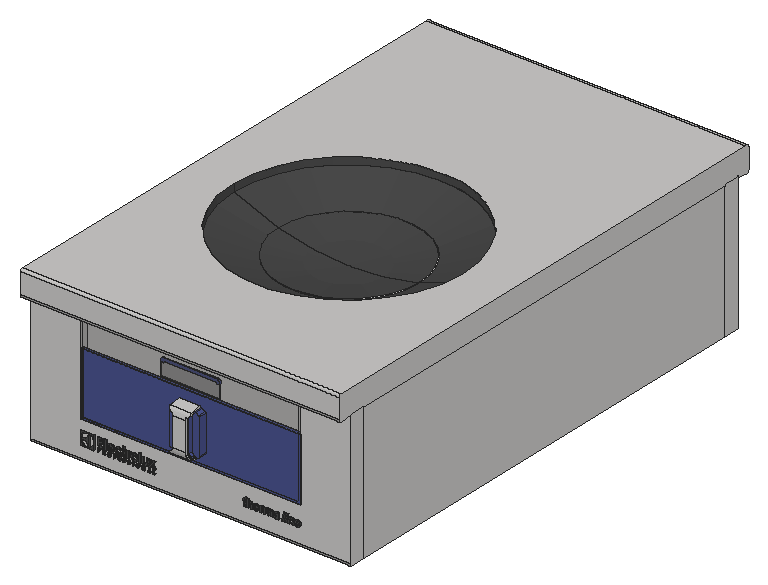
Revit family "QF_ELECTROLUXPROFESSIONAL_588025_MAIHAAEOAO", category Specialty Equipment, Revit 2023
Family settings
  Round Connector Dimension = Use Diameter
  Part Type = Normal
  Work Plane-Based = No
  Enable Cutting in Views = No
  Always vertical = Yes
  Cut with Voids When Loaded = Yes
  Maintain Annotation Orientation = No
  Shared = No
  Room Calculation Point = No
Parameters
  Watts = 5000 W  # constant formula
  Volts = 400 V  # constant formula
  URL Cutsheet = ""
  Type Mark [instance] = ""
  Top Visibility [instance] = yes
  ThermaLine_Logo_Visible [instance] = yes
  Status [instance] = ""
  Specification by User [instance] = ""
  Specification by Manufacturer = ""
  Serial Number = ""
  Seismic Rating = ""
  SMACNA No = ""
  Revision Code [instance] = ""
  Phase = 3  # constant formula
  Omniclass Number and Title = ""
  Number of Poles [instance] = 1
  NAFEM Spec ID Number = ""
  Model = "588025"
  Min Ckt Ampacity = 0 A
  Max Overcurrent Protection = 0 A
  Masterspec = ""
  Manufacturer = ""
  Item Number [instance] = ""
  Installed By [instance] = ""
  Identify Quantity as Lot [instance] = yes
  HP = "6.7 HP"
  Furnished By [instance] = ""
  Foodservice Equipment Identifier [instance] = yes
  FL Amps [instance] = if(Phase = 3, Watts / (Volts * 1.73), Watts / Volts)  # 7.22543 A
  Electrolux_Logo_Visible [instance] = yes
  Electrical Remarks = "400 V/3N ph/50/60 Hz"  # constant formula
  Electric Connection Type [instance] = ""
  Elec Conn RI Height [instance] = 0 mm
  Elec Conn Connection Height [instance] = 0 mm
  Direct Waste Size = 0"
  Description = "INDUCTION WOK,1 ZONE,1-SIDE,500X800X250H"
  Default Elevation = 0 mm
  Cycle [instance] = if([60 Hertz Option], 60 Hz, 50 Hz)  # 60 Hz
  Conn Plug = ""
  Conn Conduit = yes
  CSI MasterFormat = ""
  CSI Master Format = ""
  Apparent Power [instance] = if(Phase = 3, Volts * FL Amps * 1.73, Volts * FL Amps)  # 5000 VA
  60 Hertz Option [instance] = not([50 Hertz Option])  # yes
  50 Hertz Option [instance] = no
Reference planes
  plane 1 "BACK": y = 0
  plane 2: z = 0
  plane 3 "LEFT": x = 0
  plane 4 "RIGHT": x = 500
  plane 5 "FRONT": y = -800
  plane 6 "TOP": z = 250
  plane 7: x = 250
  plane 8: y = -469.65
  plane 9: z = 582.185
  plane 10: x = 455
Forms (mm)
  Extrusion 1, solid, material "QF_Finishes_Stainless Steel"
    sketch origin (0, -487.128, 0) x (0, 1, 0) y (0, 0, 1)
      loop
        line (-266.872, 213) -> (-266.872, 0) -> (441.128, 0) -> (441.128, 213) -> (-266.872, 213)
    from 0 to 500
  Extrusion 2, solid, material "QF_Finishes_Stainless Steel"
    sketch origin (0, 0, 0) x (0, 1, 0) y (0, 0, 1)
      loop
        line (-46, 0) -> (-20, 0) -> (-20, 215)
        arc (-20, 215) -> (-20.586, 213.586) -> (-22, 213) r 2
        line (-22, 213) -> (-46, 213) -> (-46, 0)
    from 0 to 500
  Extrusion 3, solid, material "QF_Finishes_Stainless Steel"
    sketch origin (0, -754, 0) x (1, 0, 0) y (0, -1, 0)
      loop
        circle (455, -69) r 6.35
    from 0 to 3.2
  Revolve 4, void
    sketch origin (-176.365, -469.65, 1219.2) x (-1, 0, 0) y (0, 0, 1)
      loop
        line (-426.365, -969.2) -> (-426.365, -1021.018)
        arc (-426.365, -1021.018) -> (-334.117, -1010.707) -> (-246.365, -980.45) r 421.407
        line (-246.365, -980.45) -> (-246.365, -969.2) -> (-426.365, -969.2)
      axis (-426.365, -969.2) -> (-426.365, -1021.018)
    angle from 0 to 360
  Extrusion 5, solid, material "QF_Finishes_Stainless Steel", visible <- "Top Visibility"
    sketch origin (0, -487.128, 0) x (0, 1, 0) y (0, 0, 1)
      loop
        line (483.128, 250) -> (-308.872, 250)
        arc (-308.872, 250) -> (-311.7, 248.828) -> (-312.872, 246) r 4
        line (-312.872, 246) -> (-312.872, 214)
        arc (-312.872, 214) -> (-311.443, 210.936) -> (-308.177, 210.061) r 4
        line (-308.177, 210.061) -> (-291.509, 213) -> (465.765, 213) -> (482.433, 210.061)
        arc (482.433, 210.061) -> (485.699, 210.936) -> (487.128, 214) r 4
        line (487.128, 214) -> (487.128, 246)
        arc (487.128, 246) -> (485.956, 248.828) -> (483.128, 250) r 4
    from 0 to 500
  Revolve 6, void
    sketch origin (-176.365, -469.65, 1219.2) x (-1, 0, 0) y (0, 0, 1)
      loop
        line (-426.365, -969.2) -> (-426.365, -1021.018)
        arc (-426.365, -1021.018) -> (-334.117, -1010.707) -> (-246.365, -980.45) r 421.407
        line (-246.365, -980.45) -> (-246.365, -969.2) -> (-426.365, -969.2)
      axis (-426.365, -969.2) -> (-426.365, -1021.018)
    angle from 0 to 360
Cuts and joins
  Revolve 4, Revolve 6 cuts Extrusion 1
  Revolve 4, Revolve 6 cuts Extrusion 5
Lines and regions (mm)
  symbolic lines
    curve 1: line (0, 0, 0) -> (500, 0, 0)
    curve 2: line (0, -800, 0) -> (0, 0, 0)
    curve 3: line (500, -800, 0) -> (0, -800, 0)
    curve 4: line (500, 0, 0) -> (500, -800, 0)
    curve 5: arc (70, -469.65, 0) -> (250, -289.65, 0) -> (430, -469.65, 0) r 180
    curve 6: arc (430, -469.65, 0) -> (250, -649.65, 0) -> (70, -469.65, 0) r 180
Dimensions and locks
  plane 3 "LEFT" to plane 4 "RIGHT" = 500 mm
  plane 5 "FRONT" to plane 1 "BACK" = 800 mm
  equal spacing: plane 3 "LEFT", plane 7, plane 4 "RIGHT"
  plane 5 "FRONT" to plane 8 to plane 1 "BACK" = 330.35 mm, 469.65 mm
  plane 6 "TOP" to level = 250 mm  (x2)
  plane 1 "BACK" to plane 5 "FRONT" = 800 mm
  Extrusion 3 sketch curve to plane 1 "BACK" = 685 mm
  Extrusion 3 sketch curve to plane 4 "RIGHT" = 45 mm
  plane 1 "BACK" to Extrusion 3 = 685 mm
  plane 10 to plane 4 "RIGHT" = 45 mm
  aligned and locked: level to plane 2
  aligned and locked: Extrusion 2 to plane 4 "RIGHT"
  aligned and locked: plane 7 to nested 1
Automatic sketch dimensions
  Extrusion 1 sketch curve to level = 0 mm
  plane 1 "BACK" to Extrusion 1 sketch curve = 46 mm
  Extrusion 2 sketch curve to level = 0 mm
  Extrusion 2 sketch curve to Extrusion 2 sketch curve = 26 mm
  Extrusion 2 sketch curve to Extrusion 2 sketch curve = 2 mm
  Extrusion 2 sketch curve to plane 6 "TOP" = 37 mm
  Revolve 4 sketch curve to plane 7 = 0 mm  (x2)
  Revolve 4 sketch curve to plane 6 "TOP" = 0 mm
  Revolve 4 sketch curve to plane 6 "TOP" = 51.818 mm
  plane 3 "LEFT" to Revolve 4 sketch curve = 70 mm
  plane 7 to Revolve 4 sketch curve = 0.405 mm
  Revolve 4 sketch curve to Revolve 4 sketch curve = 11.25 mm
  Revolve 4 sketch curve to level = 215 mm
  plane 6 "TOP" to Revolve 4 sketch curve = 110 mm
  plane 1 "BACK" to curve 1 = 0 mm
  curve 1 to plane 4 "RIGHT" = 0 mm
  curve 2 to plane 3 "LEFT" = 0 mm
  plane 5 "FRONT" to curve 3 = 0 mm
  curve 5 to plane 8 = 0 mm
  curve 6 to plane 7 = 0 mm
  plane 10 to curve 5 = 25 mm
  plane 1 "BACK" to Extrusion 2 sketch curve = 22 mm
  Extrusion 5 sketch curve to plane 5 "FRONT" = 0 mm
  Extrusion 5 sketch curve to plane 6 "TOP" = 0 mm
  Extrusion 5 sketch curve to plane 1 "BACK" = 0 mm
  Extrusion 5 sketch curve to Extrusion 5 sketch curve = 4 mm  (x2)
  Extrusion 5 sketch curve to Extrusion 5 sketch curve = 17.363 mm
  plane 1 "BACK" to Extrusion 5 sketch curve = 21.363 mm
  plane 1 "BACK" to Extrusion 5 sketch curve = 4 mm  (x2)
  Extrusion 5 sketch curve to plane 6 "TOP" = 37 mm
  Extrusion 5 sketch curve to Extrusion 5 sketch curve = 1 mm  (x2)
  Extrusion 5 sketch curve to Extrusion 5 sketch curve = 0.695 mm  (x2)
  Extrusion 5 sketch curve to Extrusion 5 sketch curve = 0 mm  (x4)
  Extrusion 1 sketch curve to plane 5 "FRONT" = 46 mm
  Extrusion 1 sketch curve to plane 6 "TOP" = 37 mm
  Revolve 6 sketch curve to plane 6 "TOP" = 0 mm
  Revolve 6 sketch curve to plane 7 = 0 mm  (x2)
  plane 7 to Revolve 6 sketch curve = 0.405 mm
  plane 3 "LEFT" to Revolve 6 sketch curve = 70 mm
  Revolve 6 sketch curve to Revolve 6 sketch curve = 11.25 mm
  Revolve 6 sketch curve to Revolve 6 sketch curve = 51.818 mm
  Revolve 6 sketch curve to level = 215 mm
  plane 6 "TOP" to Revolve 6 sketch curve = 110 mm
  radius of Extrusion 3 sketch curve = 6.35 mm
Nested families
  nested 1: "IW_800_500 Panel Single Centered" at (250, -754, -651.71), type "IW_800_500 Panel Single Centered"
  nested 2: "ELX_Professional_Logo_Small" at (137.486, -779, 33) x (1, 0, 0) z (0, -1, 0), visible <- "Electrolux_Logo_Visible", type "ELX_Professional_Logo_Small"
    with Show Logo yes, Material_Logo QF_Finishes_Black
  nested 3: "ELX_ThermaLine_Small" at (373.407, -779, 33) x (1, 0, 0) z (0, -1, 0), visible <- "ThermaLine_Logo_Visible", type "ELX_ThermaLine_Small"
    with Show Logo yes, Material_Logo QF_Finishes_Black
Connectors
  electrical at (455, -685, -3.2), driven by "Volts", driven by "Watts"
    settings: on Extrusion 3, index 1, voltage 400 V, apparent load 5000 VA, apparent load phase1 0 VA, apparent load phase2 0 VA, apparent load phase3 0 VA, power factor 1, load classification "Other", number of poles 1, system type 30, power factor state 1, is connector primary yes, connector utility no, sub classification motor no, connector description "ELECTRICAL CONNECTION"
Definition of nested family "IW_800_500 Panel Single Centered"
  Parameters (values of type "IW_800_500 Panel Single Centered")
    Default Elevation = 0 mm
  Reference planes
    plane 1 "Center (Front/Back)": y = 0
    plane 2: z = 0
    plane 3 "Center (Left/Right)": x = 0
  Forms (mm)
    Extrusion 1, solid
      sketch origin (833.217, 829.203, -1.25) x (0, 1, 0) y (0, 0, 1)
        loop
          arc (-854.203, 655.96) -> (-853.324, 653.839) -> (-851.203, 652.96) r 3
          line (-851.203, 652.96) -> (-829.203, 652.96) -> (-829.203, 865.96) -> (-854.203, 865.96) -> (-854.203, 655.96)
      from -1083.217 to -583.217
    Extrusion 2, void
      sketch origin (33.217, 829.203, 0.636) x (1, 0, 0) y (0, 0, 1)
        loop
          line (-205.217, 852.364) -> (-205.217, 710.364) -> (138.783, 710.364) -> (138.783, 852.364) -> (-205.217, 852.364)
      from 843.409 to 854.203
  Cuts and joins
    Extrusion 2 cuts Extrusion 1
  Lines and regions (mm)
    symbolic lines
      curve 1: line (16.108, -48.326, 0) -> (16.108, -46, 0)
      curve 2: spline (10.439, -49.73, 0) -> (10.918, -49.657, 0) -> (11.396, -49.575, 0) -> (11.873, -49.486, 0) -> (12.349, -49.389, 0) -> (12.823, -49.283, 0) -> (13.297, -49.17, 0) -> (13.769, -49.049, 0) -> (14.24, -48.92, 0) -> (14.71, -48.783, 0) -> (15.177, -48.638, 0) -> (15.643, -48.486, 0) -> (16.108, -48.326, 0)
      curve 3: line (-16.108, -48.326, 0) -> (-16.108, -46, 0)
      curve 4: spline (-16.108, -48.326, 0) -> (-15.643, -48.486, 0) -> (-15.177, -48.638, 0) -> (-14.71, -48.783, 0) -> (-14.24, -48.92, 0) -> (-13.769, -49.049, 0) -> (-13.297, -49.17, 0) -> (-12.823, -49.283, 0) -> (-12.349, -49.389, 0) -> (-11.873, -49.486, 0) -> (-11.396, -49.575, 0) -> (-10.918, -49.657, 0) -> (-10.439, -49.73, 0)
      curve 5: line (10.439, -49.73, 0) -> (-10.439, -49.73, 0)
  Dimensions and locks
    cut or joined group of Extrusion 1, Extrusion 2 to cut or joined group of Extrusion 1, Extrusion 2 = 500 mm  (x2)
    equal spacing: cut or joined group of Extrusion 1, Extrusion 2, nested 1, cut or joined group of Extrusion 1, Extrusion 2
    cut or joined group of Extrusion 1, Extrusion 2 to cut or joined group of Extrusion 1, Extrusion 2 = 213 mm
    aligned and locked: nested 1 to cut or joined group of Extrusion 1, Extrusion 2
  Automatic sketch dimensions
    curve 3 to plane 3 "Center (Left/Right)" = 16.108 mm
    plane 3 "Center (Left/Right)" to curve 5 = 10.439 mm
    plane 1 "Center (Front/Back)" to curve 5 = 49.73 mm
    curve 3 to curve 5 = 5.669 mm
    curve 5 to curve 1 = 5.669 mm
    curve 5 to curve 4 = 4.17 mm
    plane 3 "Center (Left/Right)" to curve 2 = 6.269 mm
    curve 5 to curve 1 = 1.405 mm
    curve 4 to curve 3 = 1.405 mm
    curve 2 to curve 2 = 0.302 mm
    curve 4 to curve 5 = 0.302 mm
    curve 1 to curve 1 = 2.326 mm
    curve 4 to curve 3 = 2.326 mm
    Extrusion 1 sketch curve to plane 1 "Center (Front/Back)" = 0 mm
    level to Extrusion 1 sketch curve = 651.71 mm
    Extrusion 1 sketch curve to Extrusion 1 sketch curve = 22 mm
    Extrusion 1 sketch curve to Extrusion 1 sketch curve = 3 mm
    Extrusion 1 sketch curve to Extrusion 1 sketch curve = 210 mm
    Extrusion 2 sketch curve to plane 3 "Center (Left/Right)" = 172 mm
    level to Extrusion 2 sketch curve = 711 mm
    plane 3 "Center (Left/Right)" to Extrusion 2 sketch curve = 172 mm
    Extrusion 2 sketch curve to Extrusion 2 sketch curve = 142 mm
  Nested families
    nested 1: "glass conrol panel One Right Side" at (0, 279.791, 1.886), type "glass conrol panel One Right Side"
    nested 2: "Range Control Handle" at (0, -27.043, -209.113), type "Range Control Handle"
  Definition of nested family "glass conrol panel One Right Side"
    Parameters
      Default Elevation = 0 mm
    Reference planes
      plane 1 "Center (Front/Back)": y = 0
      plane 2: z = 0
      plane 3 "Center (Left/Right)": x = 0
    Forms (mm)
      Extrusion 1, solid
        sketch origin (378.286, 0, 0.617) x (1, 0, 0) y (0, 0, 1)
          loop
            line (-550.286, 806.791) -> (-550.286, 708.497) -> (-206.286, 708.497) -> (-206.286, 806.791) -> (-550.286, 806.791)
        from 300.031 to 304.8
      Extrusion 2, solid
        sketch origin (378.286, 0, 0.617) x (1, 0, 0) y (0, 0, 1)
          loop
            line (-550.286, 850.497) -> (-550.286, 806.791) -> (-206.286, 806.791) -> (-206.286, 850.497) -> (-550.286, 850.497)
        from 300.031 to 304.8
      Extrusion 3, solid
        sketch origin (308.333, 1.101, -0.633) x (1, 0, 0) y (0, 0, 1)
          loop
            line (-261.431, 812.62) -> (-261.431, 834.177) -> (-266.24, 834.177) -> (-268.039, 835.977) -> (-348.469, 835.977) -> (-350.269, 834.177) -> (-355.186, 834.177) -> (-355.186, 812.62) -> (-261.431, 812.62)
        from 304.798 to 306.745
      Extrusion 4, solid
        sketch origin (308.333, 1.101, -0.633) x (1, 0, 0) y (0, 0, 1)
          loop
            line (-350.269, 834.177) -> (-348.469, 835.977) -> (-268.039, 835.977) -> (-266.24, 834.177) -> (-261.529, 834.177)
            arc (-261.529, 834.177) -> (-262.706, 838.752) -> (-266.98, 840.763) r 5.549
            line (-266.98, 840.763) -> (-349.686, 840.763)
            arc (-349.686, 840.763) -> (-353.942, 838.747) -> (-355.078, 834.177) r 5.5
            line (-355.078, 834.177) -> (-350.269, 834.177)
        from 304.798 to 306.745
      Extrusion 5, void
        sketch origin (378.286, 0, 0.617) x (1, 0, 0) y (0, 0, 1)
          loop
            line (-547.628, 847.565) -> (-547.628, 710.699) -> (-209.196, 710.699) -> (-209.196, 847.565) -> (-547.628, 847.565)
        from 303.697 to 304.8
    Cuts and joins
      Extrusion 5 cuts Extrusion 2
      Extrusion 5 cuts Extrusion 1
    Dimensions and locks
      aligned and locked: Extrusion 1 to Extrusion 2
      aligned and locked: Extrusion 4 sketch curve to Extrusion 3  (x4)
      aligned and locked: Extrusion 3 to Extrusion 4 sketch curve
      aligned and locked: Extrusion 4 to Extrusion 3
  Definition of nested family "Range Control Handle"
    Parameters (values of type "Range Control Handle")
      Default Elevation = 0 mm
    Reference planes
      plane 1 "Center (Front/Back)": y = 0
      plane 2: z = 0
      plane 3 "Center (Left/Right)": x = 0
      plane 4: z = 971.092
      plane 5: y = -16.9
    Forms (mm)
      Extrusion 1, solid
        sketch origin (-746.28, 380.497, 208.931) x (-1, 0, 0) y (0, 0, 1)
          loop
            line (-770.101, 786.798) -> (-770.101, 731.649)
            arc (-770.101, 731.649) -> (-769.759, 730.563) -> (-768.855, 729.87) r 1.893
            line (-768.855, 729.87) -> (-763.474, 727.911) -> (-729.81, 727.911) -> (-724.428, 729.87)
            arc (-724.428, 729.87) -> (-723.525, 730.563) -> (-723.183, 731.649) r 1.893
            line (-723.183, 731.649) -> (-723.183, 786.798)
            arc (-723.183, 786.798) -> (-723.529, 787.894) -> (-724.44, 788.593) r 1.91
            line (-724.44, 788.593) -> (-729.683, 790.819) -> (-763.601, 790.819) -> (-768.844, 788.593)
            arc (-768.844, 788.593) -> (-769.755, 787.894) -> (-770.101, 786.798) r 1.91
        from -397.397 to -378.852
      Sweep 2, solid
        path origin (-746.788, 380.496, 208.091) x (0, -1, 0) y (0, 0, 1)
          loop
            line (379.775, 793.281) -> (395.661, 791.048)
            arc (395.661, 791.048) -> (397.781, 787.377) -> (398.517, 783.202) r 12.207
            line (398.517, 783.202) -> (398.517, 737.368)
            arc (398.517, 737.368) -> (397.781, 733.193) -> (395.661, 729.522) r 12.207
            line (395.661, 729.522) -> (379.775, 727.289)
        profile origin (-746.788, -7.222, 1000.256) x (0, -0.139173, 0.990268) y (-1, 0, 0)
          loop
            line (0.782, -763.123) -> (0.782, -730.907) -> (-1.322, -730.907) -> (-1.322, -763.123) -> (0.782, -763.123)
      Sweep 3, solid
        path origin (-746.788, 380.715, 207.832) x (0, -1, 0) y (0, 0, 1)
          loop
            line (380.478, 795.442) -> (397.218, 793.09)
            arc (397.218, 793.09) -> (399.929, 788.473) -> (400.871, 783.202) r 15.207
            line (400.871, 783.202) -> (400.871, 737.584)
            arc (400.871, 737.584) -> (399.914, 732.274) -> (397.164, 727.633) r 15.207
            line (397.164, 727.633) -> (380.601, 725.305)
        profile origin (-746.788, -8.132, 1002.099) x (0, -0.139173, 0.990268) y (-1, 0, 0)
          loop
            line (0.782, -763.123) -> (0.782, -730.907) -> (-1.322, -730.907) -> (-1.322, -763.123) -> (0.782, -763.123)
      Extrusion 4, void
        sketch origin (889.253, 220.666, 207.993) x (1, 0, 0) y (0, 0, 1)
          loop
            line (-943.038, 816.854) -> (-943.038, 703.686) -> (-899.466, 734.196) -> (-899.466, 786.344) -> (-943.038, 816.854)
        from 230.636 to 242.25
      Extrusion 5, void
        sketch origin (-888.8, 220.666, 207.993) x (-1, 0, 0) y (0, 0, -1)
          loop
            line (-943.038, -816.854) -> (-899.466, -786.344) -> (-899.466, -734.196) -> (-943.038, -703.686) -> (-943.038, -816.854)
        from 230.636 to 242.25
      Extrusion 6, solid
        sketch origin (0, 0, 0) x (1, 0, 0) y (0, 0, 1)
          loop
            circle (0, 971.092) r 7.736
        from -3.137 to -1.645
    Cuts and joins
      Extrusion 4, Extrusion 5 cuts Sweep 3
      Extrusion 4, Extrusion 5 cuts Sweep 2
      Extrusion 4, Extrusion 5 cuts Extrusion 1
      joined: Extrusion 1, Extrusion 6
    Lines and regions (mm)
      symbolic lines
        curve 1: line (16.334, -16.9, 0) -> (16.334, -19.227, 0)
        curve 2: spline (16.334, -19.227, 0) -> (15.87, -19.385, 0) -> (15.404, -19.536, 0) -> (14.936, -19.678, 0) -> (14.466, -19.813, 0) -> (13.995, -19.94, 0) -> (13.523, -20.059, 0) -> (13.049, -20.171, 0) -> (12.575, -20.274, 0) -> (12.099, -20.37, 0) -> (11.622, -20.458, 0) -> (11.144, -20.537, 0) -> (10.666, -20.609, 0)
        curve 3: line (10.666, -16.9, 0) -> (10.666, -20.938, 0)
        curve 4: line (-10.213, -20.938, 0) -> (10.666, -20.938, 0)
        curve 5: line (-10.213, -20.938, 0) -> (-10.213, -16.9, 0)
        curve 6: spline (-10.213, -20.609, 0) -> (-10.691, -20.537, 0) -> (-11.169, -20.458, 0) -> (-11.646, -20.37, 0) -> (-12.122, -20.274, 0) -> (-12.597, -20.171, 0) -> (-13.07, -20.059, 0) -> (-13.542, -19.94, 0) -> (-14.013, -19.813, 0) -> (-14.483, -19.678, 0) -> (-14.951, -19.536, 0) -> (-15.417, -19.385, 0) -> (-15.881, -19.227, 0)
        curve 7: line (-15.881, -19.227, 0) -> (-15.881, -16.9, 0)
Definition of nested family "ELX_Professional_Logo_Small"
  Parameters (values of type "ELX_Professional_Logo_Small")
    Show Logo [instance] = yes
    Material_Logo [instance] = none
    Default Elevation = 0 mm
  Reference planes
    plane 1 "Centro (Fronte/Retro)": y = 0
    plane 2: z = 0
    plane 3 "Centro (Sinistra/Destra)": x = 0
  Forms (mm)
    Extrusion 1, solid
      sketch origin (0, 0, 0) x (1, 0, 0) y (0, 1, 0)
        loop
          line (-1219.2, 1219.2) -> (-1219.2, -1219.2) -> (1219.2, -1219.2) -> (1219.2, 1219.2) -> (-1219.2, 1219.2)
      from 0 to -304.8
    Extrusion 2, solid, material <- "Material_Logo"
      sketch origin (15.5, 0, 0) x (1, 0, 0) y (0, 1, 0)
        loop
          spline (-42.99, -1.24) -> (-43.195, -1.231) -> (-43.415, -1.203) -> (-43.642, -1.152) -> (-43.87, -1.074) -> (-44.095, -0.966) -> (-44.309, -0.825) -> (-44.506, -0.647) -> (-44.681, -0.429) -> (-44.828, -0.167) -> (-44.94, 0.142) -> (-45.011, 0.501) -> (-45.037, 0.915)
          line (-45.037, 0.915) -> (-45.037, 2.748) -> (-38.984, 2.748) -> (-38.984, 5.086) -> (-45.038, 5.086) -> (-45.038, 8.489) -> (-38.599, 8.489) -> (-38.599, 10.82) -> (-47.515, 10.82) -> (-47.515, 1.021)
          spline (-47.515, 1.021) -> (-47.493, 0.418) -> (-47.425, -0.15) -> (-47.311, -0.682) -> (-47.15, -1.175) -> (-46.939, -1.628) -> (-46.678, -2.038) -> (-46.365, -2.404) -> (-46, -2.723) -> (-45.58, -2.995) -> (-45.105, -3.216) -> (-44.573, -3.385) -> (-43.983, -3.499)
          line (-43.983, -3.499) -> (-43.01, -3.569) -> (-38.426, -3.569) -> (-38.426, -1.24) -> (-42.99, -1.24)
        loop
          line (-36.666, 4.021) -> (-36.666, -3.573) -> (-34.188, -3.573) -> (-34.188, 10.824) -> (-36.666, 10.824) -> (-36.666, 4.021)
        loop
          spline (-21.915, 1.897) -> (-21.957, 2.615) -> (-22.082, 3.303) -> (-22.285, 3.955) -> (-22.563, 4.564) -> (-22.913, 5.124) -> (-23.331, 5.629) -> (-23.814, 6.074) -> (-24.359, 6.451) -> (-24.961, 6.755) -> (-25.618, 6.98) -> (-26.326, 7.119) -> (-27.081, 7.167)
          spline (-27.081, 7.167) -> (-27.853, 7.122) -> (-28.586, 6.99) -> (-29.275, 6.774) -> (-29.915, 6.478) -> (-30.5, 6.104) -> (-31.024, 5.657) -> (-31.483, 5.138) -> (-31.871, 4.553) -> (-32.182, 3.904) -> (-32.411, 3.194) -> (-32.552, 2.427) -> (-32.6, 1.606)
          spline (-32.6, 1.606) -> (-32.553, 0.805) -> (-32.416, 0.057) -> (-32.193, -0.637) -> (-31.887, -1.271) -> (-31.504, -1.843) -> (-31.048, -2.35) -> (-30.523, -2.788) -> (-29.934, -3.154) -> (-29.284, -3.444) -> (-28.579, -3.656) -> (-27.822, -3.785) -> (-27.019, -3.829)
          spline (-27.019, -3.829) -> (-26.627, -3.82) -> (-26.239, -3.79) -> (-25.856, -3.739) -> (-25.477, -3.663) -> (-25.103, -3.562) -> (-24.734, -3.432) -> (-24.369, -3.273) -> (-24.01, -3.082) -> (-23.655, -2.858) -> (-23.305, -2.597) -> (-22.96, -2.299) -> (-22.621, -1.962)
          line (-22.621, -1.962) -> (-24.114, -0.509)
          spline (-24.114, -0.509) -> (-24.311, -0.699) -> (-24.509, -0.872) -> (-24.71, -1.03) -> (-24.915, -1.172) -> (-25.126, -1.297) -> (-25.346, -1.407) -> (-25.576, -1.5) -> (-25.817, -1.576) -> (-26.072, -1.636) -> (-26.342, -1.678) -> (-26.629, -1.704) -> (-26.936, -1.713)
          spline (-26.936, -1.713) -> (-27.384, -1.691) -> (-27.805, -1.625) -> (-28.196, -1.518) -> (-28.556, -1.372) -> (-28.882, -1.187) -> (-29.174, -0.966) -> (-29.429, -0.71) -> (-29.645, -0.422) -> (-29.821, -0.102) -> (-29.955, 0.247) -> (-30.045, 0.623) -> (-30.089, 1.026)
          line (-30.089, 1.026) -> (-21.956, 1.026) -> (-21.915, 1.897)
        loop
          spline (-24.446, 2.769) -> (-24.47, 3.075) -> (-24.54, 3.37) -> (-24.654, 3.65) -> (-24.807, 3.913) -> (-24.996, 4.156) -> (-25.219, 4.376) -> (-25.472, 4.57) -> (-25.753, 4.736) -> (-26.057, 4.869) -> (-26.382, 4.968) -> (-26.724, 5.03) -> (-27.081, 5.051)
          spline (-27.081, 5.051) -> (-27.464, 5.03) -> (-27.832, 4.97) -> (-28.183, 4.872) -> (-28.513, 4.74) -> (-28.819, 4.577) -> (-29.099, 4.384) -> (-29.347, 4.165) -> (-29.563, 3.923) -> (-29.742, 3.659) -> (-29.881, 3.377) -> (-29.977, 3.079) -> (-30.027, 2.769)
          line (-30.027, 2.769) -> (-24.446, 2.769)
        loop
          spline (-18.167, 1.669) -> (-18.138, 2.13) -> (-18.055, 2.567) -> (-17.921, 2.978) -> (-17.739, 3.358) -> (-17.512, 3.705) -> (-17.243, 4.016) -> (-16.937, 4.287) -> (-16.596, 4.517) -> (-16.223, 4.7) -> (-15.823, 4.835) -> (-15.398, 4.919) -> (-14.951, 4.947)
          spline (-14.951, 4.947) -> (-14.677, 4.938) -> (-14.414, 4.913) -> (-14.162, 4.871) -> (-13.921, 4.812) -> (-13.69, 4.738) -> (-13.467, 4.649) -> (-13.254, 4.544) -> (-13.048, 4.424) -> (-12.85, 4.291) -> (-12.659, 4.143) -> (-12.474, 3.981) -> (-12.295, 3.806)
          line (-12.295, 3.806) -> (-10.76, 5.403)
          spline (-10.76, 5.403) -> (-11.065, 5.709) -> (-11.38, 5.984) -> (-11.703, 6.228) -> (-12.035, 6.443) -> (-12.375, 6.63) -> (-12.723, 6.788) -> (-13.078, 6.92) -> (-13.44, 7.026) -> (-13.809, 7.107) -> (-14.184, 7.164) -> (-14.564, 7.198) -> (-14.951, 7.209)
          spline (-14.951, 7.209) -> (-15.725, 7.161) -> (-16.467, 7.02) -> (-17.169, 6.792) -> (-17.826, 6.482) -> (-18.43, 6.096) -> (-18.976, 5.637) -> (-19.455, 5.112) -> (-19.862, 4.525) -> (-20.19, 3.882) -> (-20.433, 3.189) -> (-20.584, 2.449) -> (-20.635, 1.669)
          spline (-20.635, 1.669) -> (-20.584, 0.889) -> (-20.433, 0.149) -> (-20.19, -0.545) -> (-19.862, -1.187) -> (-19.455, -1.774) -> (-18.976, -2.299) -> (-18.43, -2.758) -> (-17.826, -3.145) -> (-17.169, -3.454) -> (-16.467, -3.682) -> (-15.725, -3.823) -> (-14.951, -3.871)
          spline (-14.951, -3.871) -> (-14.564, -3.86) -> (-14.184, -3.826) -> (-13.809, -3.77) -> (-13.44, -3.689) -> (-13.078, -3.583) -> (-12.723, -3.451) -> (-12.375, -3.292) -> (-12.035, -3.105) -> (-11.703, -2.89) -> (-11.38, -2.646) -> (-11.065, -2.371) -> (-10.76, -2.066)
          line (-10.76, -2.066) -> (-12.295, -0.468)
          spline (-12.295, -0.468) -> (-12.474, -0.643) -> (-12.659, -0.805) -> (-12.85, -0.953) -> (-13.048, -1.087) -> (-13.254, -1.206) -> (-13.467, -1.311) -> (-13.69, -1.4) -> (-13.921, -1.475) -> (-14.162, -1.533) -> (-14.414, -1.575) -> (-14.677, -1.6) -> (-14.951, -1.609)
          spline (-14.951, -1.609) -> (-15.398, -1.581) -> (-15.823, -1.497) -> (-16.223, -1.362) -> (-16.596, -1.179) -> (-16.937, -0.95) -> (-17.243, -0.678) -> (-17.512, -0.367) -> (-17.739, -0.02) -> (-17.921, 0.36) -> (-18.055, 0.771) -> (-18.138, 1.208) -> (-18.167, 1.669)
        loop
          spline (-4.441, -1.243) -> (-4.659, -1.247) -> (-4.894, -1.23) -> (-5.137, -1.19) -> (-5.384, -1.121) -> (-5.628, -1.021) -> (-5.864, -0.884) -> (-6.084, -0.708) -> (-6.283, -0.488) -> (-6.454, -0.219) -> (-6.592, 0.101) -> (-6.69, 0.478) -> (-6.742, 0.914)
          line (-6.742, 0.914) -> (-6.742, 4.587) -> (-4.487, 4.587) -> (-4.487, 6.838) -> (-6.738, 6.838) -> (-6.738, 10.824) -> (-9.217, 10.824) -> (-9.217, 0.773)
          spline (-9.217, 0.773) -> (-9.164, 0.19) -> (-9.068, -0.358) -> (-8.928, -0.87) -> (-8.742, -1.343) -> (-8.511, -1.777) -> (-8.232, -2.168) -> (-7.904, -2.515) -> (-7.527, -2.816) -> (-7.098, -3.069) -> (-6.618, -3.273) -> (-6.084, -3.426) -> (-5.496, -3.525)
          line (-5.496, -3.525) -> (-4.45, -3.573) -> (-4.441, -1.243)
        loop
          spline (3.898, 6.983) -> (3.469, 7.009) -> (3.056, 7.001) -> (2.661, 6.961) -> (2.283, 6.888) -> (1.925, 6.785) -> (1.588, 6.652) -> (1.272, 6.49) -> (0.979, 6.301) -> (0.71, 6.085) -> (0.465, 5.844) -> (0.247, 5.578) -> (0.056, 5.289)
          line (0.056, 5.289) -> (0.056, 6.838) -> (-2.402, 6.838) -> (-2.402, -3.572) -> (0.056, -3.572) -> (0.056, 1.901)
          spline (0.056, 1.901) -> (0.079, 2.316) -> (0.145, 2.703) -> (0.254, 3.06) -> (0.404, 3.386) -> (0.592, 3.679) -> (0.818, 3.938) -> (1.08, 4.162) -> (1.375, 4.348) -> (1.703, 4.495) -> (2.062, 4.602) -> (2.45, 4.668) -> (2.865, 4.69)
          line (2.865, 4.69) -> (3.898, 4.586) -> (3.898, 6.983)
        loop
          spline (15.638, 1.633) -> (15.586, 2.396) -> (15.435, 3.124) -> (15.192, 3.81) -> (14.863, 4.449) -> (14.455, 5.034) -> (13.975, 5.56) -> (13.43, 6.021) -> (12.826, 6.411) -> (12.17, 6.724) -> (11.469, 6.955) -> (10.729, 7.098) -> (9.958, 7.147)
          spline (9.958, 7.147) -> (9.182, 7.098) -> (8.44, 6.955) -> (7.737, 6.724) -> (7.081, 6.411) -> (6.477, 6.021) -> (5.933, 5.56) -> (5.454, 5.034) -> (5.048, 4.449) -> (4.721, 3.81) -> (4.479, 3.124) -> (4.329, 2.396) -> (4.277, 1.633)
          spline (4.277, 1.633) -> (4.329, 0.869) -> (4.479, 0.141) -> (4.721, -0.544) -> (5.048, -1.183) -> (5.454, -1.768) -> (5.933, -2.294) -> (6.477, -2.755) -> (7.081, -3.145) -> (7.737, -3.459) -> (8.44, -3.69) -> (9.182, -3.833) -> (9.958, -3.882)
          spline (9.958, -3.882) -> (10.729, -3.833) -> (11.469, -3.69) -> (12.17, -3.459) -> (12.826, -3.145) -> (13.43, -2.755) -> (13.975, -2.294) -> (14.455, -1.768) -> (14.863, -1.183) -> (15.192, -0.544) -> (15.435, 0.141) -> (15.586, 0.869) -> (15.638, 1.633)
        loop
          spline (13.18, 1.633) -> (13.151, 2.083) -> (13.067, 2.513) -> (12.932, 2.918) -> (12.748, 3.296) -> (12.52, 3.642) -> (12.251, 3.954) -> (11.943, 4.227) -> (11.601, 4.459) -> (11.228, 4.645) -> (10.828, 4.782) -> (10.403, 4.867) -> (9.958, 4.896)
          spline (9.958, 4.896) -> (9.509, 4.867) -> (9.081, 4.782) -> (8.679, 4.645) -> (8.306, 4.459) -> (7.964, 4.227) -> (7.658, 3.954) -> (7.39, 3.642) -> (7.163, 3.296) -> (6.981, 2.918) -> (6.847, 2.513) -> (6.765, 2.083) -> (6.736, 1.633)
          spline (6.736, 1.633) -> (6.765, 1.182) -> (6.847, 0.753) -> (6.981, 0.347) -> (7.163, -0.031) -> (7.39, -0.377) -> (7.658, -0.689) -> (7.964, -0.962) -> (8.306, -1.193) -> (8.679, -1.38) -> (9.081, -1.517) -> (9.509, -1.602) -> (9.958, -1.631)
          spline (9.958, -1.631) -> (10.403, -1.602) -> (10.828, -1.517) -> (11.228, -1.38) -> (11.601, -1.193) -> (11.943, -0.962) -> (12.251, -0.689) -> (12.52, -0.377) -> (12.748, -0.031) -> (12.932, 0.347) -> (13.067, 0.753) -> (13.151, 1.182) -> (13.18, 1.633)
        loop
          line (17.162, 4.269) -> (17.162, -3.573) -> (19.642, -3.573) -> (19.642, 10.824) -> (17.162, 10.824) -> (17.162, 4.269)
        loop
          line (28.581, 6.838) -> (28.581, 0.786)
          spline (28.581, 0.786) -> (28.561, 0.393) -> (28.503, 0.038) -> (28.409, -0.279) -> (28.281, -0.559) -> (28.122, -0.802) -> (27.933, -1.011) -> (27.717, -1.185) -> (27.476, -1.325) -> (27.213, -1.433) -> (26.929, -1.509) -> (26.626, -1.554) -> (26.308, -1.569)
          spline (26.308, -1.569) -> (25.99, -1.554) -> (25.688, -1.509) -> (25.404, -1.434) -> (25.141, -1.326) -> (24.9, -1.187) -> (24.684, -1.014) -> (24.496, -0.807) -> (24.336, -0.565) -> (24.209, -0.288) -> (24.115, 0.026) -> (24.057, 0.376) -> (24.037, 0.765)
          line (24.037, 0.765) -> (24.037, 6.838) -> (21.537, 6.838) -> (21.537, 0.558)
          spline (21.537, 0.558) -> (21.581, -0.153) -> (21.71, -0.8) -> (21.916, -1.384) -> (22.195, -1.904) -> (22.54, -2.362) -> (22.944, -2.757) -> (23.403, -3.09) -> (23.909, -3.362) -> (24.456, -3.572) -> (25.04, -3.722) -> (25.652, -3.811) -> (26.288, -3.841)
          spline (26.288, -3.841) -> (26.929, -3.811) -> (27.547, -3.72) -> (28.135, -3.568) -> (28.687, -3.355) -> (29.197, -3.079) -> (29.66, -2.741) -> (30.068, -2.341) -> (30.415, -1.877) -> (30.696, -1.349) -> (30.905, -0.757) -> (31.034, -0.101) -> (31.079, 0.621)
          line (31.079, 0.621) -> (31.079, 6.838) -> (28.581, 6.838)
        loop
          line (40.457, -0.243) -> (38.894, 1.942) -> (40.83, 4.579) -> (42.488, 6.837) -> (39.782, 6.837) -> (37.53, 3.719) -> (35.258, 6.837) -> (32.573, 6.837) -> (34.113, 4.731) -> (36.167, 1.922) -> (34.014, -1.076) -> (32.222, -3.573) -> (34.887, -3.573) -> (37.53, 0.104) -> (40.174, -3.573) -> (42.839, -3.573) -> (40.457, -0.243)
        loop
          line (-46.121, -5.837) -> (-48.039, -5.837) -> (-48.039, -10.814) -> (-47.016, -10.814) -> (-47.016, -9.128) -> (-46.121, -9.128)
          arc (-46.121, -9.128) -> (-44.476, -7.482) -> (-46.121, -5.837) r 1.645
        loop
          line (-46.163, -6.778) -> (-47.016, -6.778) -> (-47.016, -8.187) -> (-46.163, -8.187)
          arc (-46.163, -8.187) -> (-45.458, -7.482) -> (-46.163, -6.778) r 0.704
        loop
          line (-38.313, -5.837) -> (-40.265, -5.837) -> (-40.265, -10.814) -> (-39.241, -10.814) -> (-39.241, -9.1) -> (-38.46, -9.182) -> (-37.48, -10.814) -> (-36.318, -10.814) -> (-37.513, -8.848)
          arc (-37.513, -8.848) -> (-36.888, -8.266) -> (-36.671, -7.441) r 1.536
          arc (-36.671, -7.441) -> (-37.165, -6.305) -> (-38.313, -5.837) r 1.643
        loop
          arc (-38.402, -8.166) -> (-37.707, -7.505) -> (-38.334, -6.778) r 0.696
          line (-38.334, -6.778) -> (-39.241, -6.778) -> (-39.241, -8.166) -> (-38.402, -8.166)
        loop
          circle (-29.965, -8.325) r 2.585
        loop
          circle (-29.965, -8.325) r 1.64
        loop
          line (-23.1, -5.837) -> (-23.1, -10.814) -> (-22.076, -10.814) -> (-22.076, -8.768) -> (-20.204, -8.768) -> (-20.204, -7.828) -> (-22.076, -7.828) -> (-22.076, -6.778) -> (-20.024, -6.778) -> (-20.024, -5.837) -> (-23.1, -5.837)
        loop
          line (-15.802, -5.837) -> (-15.802, -9.2)
          arc (-15.802, -9.2) -> (-15.343, -10.34) -> (-14.209, -10.814) r 1.593
          line (-14.209, -10.814) -> (-12.602, -10.814) -> (-12.602, -10.027) -> (-14.004, -10.027)
          arc (-14.004, -10.027) -> (-14.552, -9.8) -> (-14.779, -9.252) r 0.775
          line (-14.779, -9.252) -> (-14.779, -8.424) -> (-12.789, -8.424) -> (-12.789, -7.642) -> (-14.779, -7.642) -> (-14.779, -6.778) -> (-12.651, -6.778) -> (-12.651, -5.837) -> (-15.802, -5.837)
        loop
          line (-5.909, -7.143) -> (-5.173, -6.638)
          arc (-5.173, -6.638) -> (-5.855, -5.974) -> (-6.781, -5.755) r 1.782
          arc (-6.781, -5.755) -> (-7.397, -5.878) -> (-7.944, -6.189) r 1.974
          arc (-7.944, -6.189) -> (-8.202, -6.5) -> (-8.317, -6.888) r 1.013
          arc (-8.317, -6.888) -> (-8.306, -7.341) -> (-8.192, -7.78) r 1.985
          arc (-8.192, -7.78) -> (-7.749, -8.259) -> (-7.171, -8.563) r 1.928
          arc (-7.171, -8.563) -> (-6.637, -8.779) -> (-6.131, -9.056) r 5.041
          arc (-6.131, -9.056) -> (-5.934, -9.387) -> (-6.09, -9.74) r 0.42
          arc (-6.09, -9.74) -> (-6.631, -9.96) -> (-7.204, -9.845) r 1.016
          arc (-7.204, -9.845) -> (-7.625, -9.603) -> (-7.889, -9.196) r 1.033
          line (-7.889, -9.196) -> (-8.67, -9.686)
          arc (-8.67, -9.686) -> (-8.361, -10.198) -> (-7.908, -10.589) r 1.914
          arc (-7.908, -10.589) -> (-7.334, -10.834) -> (-6.714, -10.896) r 2.063
          arc (-6.714, -10.896) -> (-5.947, -10.743) -> (-5.256, -10.376) r 2.696
          arc (-5.256, -10.376) -> (-4.95, -9.565) -> (-5.108, -8.712) r 1.618
          arc (-5.108, -8.712) -> (-5.448, -8.319) -> (-5.884, -8.035) r 1.876
          arc (-5.884, -8.035) -> (-6.434, -7.789) -> (-6.999, -7.577) r 9.883
          arc (-6.999, -7.577) -> (-7.325, -7.07) -> (-6.854, -6.694) r 0.45
          arc (-6.854, -6.694) -> (-6.329, -6.809) -> (-5.909, -7.143) r 1.197
        loop
          line (1.61, -7.143) -> (2.345, -6.638)
          arc (2.345, -6.638) -> (1.663, -5.974) -> (0.737, -5.755) r 1.782
          arc (0.737, -5.755) -> (0.121, -5.878) -> (-0.425, -6.189) r 1.974
          arc (-0.425, -6.189) -> (-0.683, -6.5) -> (-0.799, -6.888) r 1.013
          arc (-0.799, -6.888) -> (-0.788, -7.341) -> (-0.674, -7.78) r 1.985
          arc (-0.674, -7.78) -> (-0.231, -8.259) -> (0.347, -8.563) r 1.928
          arc (0.347, -8.563) -> (0.881, -8.779) -> (1.387, -9.056) r 5.041
          arc (1.387, -9.056) -> (1.584, -9.387) -> (1.428, -9.74) r 0.42
          arc (1.428, -9.74) -> (0.887, -9.96) -> (0.314, -9.845) r 1.016
          arc (0.314, -9.845) -> (-0.107, -9.603) -> (-0.371, -9.196) r 1.033
          line (-0.371, -9.196) -> (-1.152, -9.686)
          arc (-1.152, -9.686) -> (-0.842, -10.198) -> (-0.39, -10.589) r 1.914
          arc (-0.39, -10.589) -> (0.184, -10.834) -> (0.804, -10.896) r 2.063
          arc (0.804, -10.896) -> (1.572, -10.743) -> (2.263, -10.376) r 2.696
          arc (2.263, -10.376) -> (2.568, -9.565) -> (2.411, -8.712) r 1.618
          arc (2.411, -8.712) -> (2.07, -8.319) -> (1.635, -8.035) r 1.876
          arc (1.635, -8.035) -> (1.084, -7.789) -> (0.519, -7.577) r 9.883
          arc (0.519, -7.577) -> (0.193, -7.07) -> (0.665, -6.694) r 0.45
          arc (0.665, -6.694) -> (1.189, -6.809) -> (1.61, -7.143) r 1.197
        loop
          line (6.801, -5.837) -> (6.801, -10.814) -> (7.825, -10.814) -> (7.825, -5.837) -> (6.801, -5.837)
        loop
          circle (14.724, -8.325) r 1.548
        loop
          circle (14.724, -8.325) r 2.585
        loop
          line (21.59, -10.814) -> (22.623, -10.814) -> (22.623, -7.685) -> (24.9, -10.814) -> (25.895, -10.814) -> (25.895, -5.837) -> (24.861, -5.837) -> (24.861, -9.061) -> (22.585, -5.837) -> (21.59, -5.837) -> (21.59, -10.814)
        loop
          line (31.054, -10.814) -> (31.539, -9.74) -> (33.38, -9.74) -> (33.865, -10.814) -> (34.965, -10.814) -> (32.46, -5.837) -> (29.956, -10.814) -> (31.054, -10.814)
        loop
          line (32.46, -7.698) -> (31.999, -8.719) -> (32.921, -8.719) -> (32.46, -7.698)
        loop
          line (40.047, -9.873) -> (40.047, -5.837) -> (39.024, -5.837) -> (39.024, -10.814) -> (41.961, -10.814) -> (41.961, -9.873) -> (40.047, -9.873)
        loop
          line (-74.986, -10.814) -> (-53.322, -10.814) -> (-53.322, 10.82) -> (-74.986, 10.82) -> (-74.986, -10.814)
        loop
          line (-61.261, 9.758) -> (-61.261, -9.707)
          arc (-61.261, -9.707) -> (-54.066, 0.025) -> (-61.261, 9.758) r 10.18
        loop
          line (-62.251, 8.349) -> (-62.251, 9.758)
          arc (-62.251, 9.758) -> (-70.347, 7.918) -> (-74.247, 0.59) r 9.976
          line (-74.247, 0.59) -> (-71.026, 0.59)
          arc (-71.026, 0.59) -> (-65.274, 2.925) -> (-62.251, 8.349) r 9.351
        loop
          arc (-74.247, -0.539) -> (-70.353, -7.928) -> (-62.251, -9.957) r 10.237
          line (-62.251, -9.957) -> (-62.251, -8.298)
          arc (-62.251, -8.298) -> (-65.274, -2.874) -> (-71.026, -0.539) r 9.351
          line (-71.026, -0.539) -> (-74.247, -0.539)
      from 0 to 0.8
  Dimensions and locks
    aligned and locked: plane 2 to Extrusion 1
    aligned and locked: level to Extrusion 1
Definition of nested family "ELX_ThermaLine_Small"
  Parameters (values of type "ELX_ThermaLine_Small")
    Show Logo [instance] = yes
    Material_Logo [instance] = none
    Default Elevation = 0 mm
  Reference planes
    plane 1 "Centro (Fronte/Retro)": y = 0
    plane 2: z = 0
    plane 3 "Centro (Sinistra/Destra)": x = 0
  Forms (mm)
    Extrusion 1, solid
      sketch origin (0, 0, 0) x (1, 0, 0) y (0, 1, 0)
        loop
          line (-1219.2, 1219.2) -> (-1219.2, -1219.2) -> (1219.2, -1219.2) -> (1219.2, 1219.2) -> (-1219.2, 1219.2)
      from 0 to -304.8
    Extrusion 2, solid
      sketch origin (0, 0, 0) x (1, 0, 0) y (0, 1, 0)
        loop
          line (-37.494, 1.229) -> (-35.908, 1.229) -> (-35.908, 3.066) -> (-37.494, 3.066) -> (-37.494, 6.221) -> (-39.867, 4.881) -> (-39.867, 3.066) -> (-40.969, 3.066) -> (-40.969, 1.229) -> (-39.867, 1.229) -> (-39.867, -3.407)
          arc (-39.867, -3.407) -> (-38.982, -5.513) -> (-36.751, -6.001) r 2.478
          line (-36.751, -6.001) -> (-35.638, -5.7) -> (-35.9, -3.835) -> (-36.661, -4.039)
          arc (-36.661, -4.039) -> (-37.236, -3.924) -> (-37.494, -3.399) r 0.662
          line (-37.494, -3.399) -> (-37.494, 1.229)
        loop
          line (-34.242, 6.539) -> (-34.242, -5.848) -> (-31.854, -5.848) -> (-31.854, -0.078)
          arc (-31.854, -0.078) -> (-30.939, 1.249) -> (-29.33, 1.367) r 1.866
          arc (-29.33, 1.367) -> (-28.695, 0.768) -> (-28.461, -0.073) r 1.627
          line (-28.461, -0.073) -> (-28.461, -5.848) -> (-26.086, -5.848) -> (-26.064, -0.46)
          arc (-26.064, -0.46) -> (-26.261, 0.932) -> (-26.786, 2.237) r 5.825
          arc (-26.786, 2.237) -> (-29.381, 3.264) -> (-31.854, 1.971) r 3.353
          line (-31.854, 1.971) -> (-31.854, 6.539) -> (-34.242, 6.539)
        loop
          arc (-18.398, -0.598) -> (-18.893, 0.879) -> (-20.326, 1.487) r 1.897
          arc (-20.326, 1.487) -> (-21.461, 0.708) -> (-21.897, -0.598) r 2.164
          line (-21.897, -0.598) -> (-18.398, -0.598)
        loop
          arc (-16.021, -2.044) -> (-16.754, 1.227) -> (-19.444, 3.226) r 4.814
          arc (-19.444, 3.226) -> (-22.137, 2.788) -> (-23.943, 0.743) r 4.054
          arc (-23.943, 0.743) -> (-24.382, -1.249) -> (-24.162, -3.276) r 6.289
          arc (-24.162, -3.276) -> (-23.302, -4.71) -> (-21.958, -5.705) r 4.28
          arc (-21.958, -5.705) -> (-18.558, -5.814) -> (-16.152, -3.409) r 4.28
          line (-16.152, -3.409) -> (-18.5, -2.995)
          arc (-18.5, -2.995) -> (-19.273, -3.994) -> (-20.533, -4.076) r 1.536
          arc (-20.533, -4.076) -> (-21.56, -3.281) -> (-21.958, -2.044) r 2.197
          line (-21.958, -2.044) -> (-16.021, -2.044)
        loop
          line (-14.165, -5.848) -> (-11.819, -5.848) -> (-11.819, -2.138)
          arc (-11.819, -2.138) -> (-11.787, -1.156) -> (-11.637, -0.185) r 8.18
          arc (-11.637, -0.185) -> (-10.644, 0.972) -> (-9.132, 0.776) r 1.603
          line (-9.132, 0.776) -> (-8.419, 2.846)
          arc (-8.419, 2.846) -> (-10.432, 3.118) -> (-11.994, 1.821) r 2.527
          line (-11.994, 1.821) -> (-11.994, 3.094) -> (-14.165, 3.094) -> (-14.165, -5.848)
        loop
          line (-7.579, 3.094) -> (-7.579, -5.848) -> (-5.178, -5.848) -> (-5.178, -0.756)
          arc (-5.178, -0.756) -> (-4.727, 0.679) -> (-3.417, 1.419) r 2.05
          arc (-3.417, 1.419) -> (-2.499, 0.908) -> (-2.155, -0.085) r 1.471
          line (-2.155, -0.085) -> (-2.155, -5.848) -> (0.23, -5.848) -> (0.23, -1.001)
          arc (0.23, -1.001) -> (0.47, 0.127) -> (1.148, 1.061) r 2.775
          arc (1.148, 1.061) -> (2.225, 1.329) -> (3.05, 0.587) r 1.182
          arc (3.05, 0.587) -> (3.199, -0.019) -> (3.214, -0.642) r 2.894
          line (3.214, -0.642) -> (3.214, -5.848) -> (5.601, -5.848) -> (5.601, 0.261)
          arc (5.601, 0.261) -> (4.87, 2.263) -> (2.976, 3.241) r 2.932
          arc (2.976, 3.241) -> (1.284, 2.973) -> (-0.047, 1.896) r 3.309
          arc (-0.047, 1.896) -> (-1.116, 2.865) -> (-2.506, 3.258) r 3.16
          arc (-2.506, 3.258) -> (-4.105, 2.942) -> (-5.376, 1.92) r 3.419
          line (-5.376, 1.92) -> (-5.376, 3.094) -> (-7.579, 3.094)
        loop
          line (7.583, 0.738) -> (9.702, 0.364)
          arc (9.702, 0.364) -> (11.441, 1.492) -> (12.855, -0.023) r 1.613
          line (12.855, -0.023) -> (9.782, -0.789)
          arc (9.782, -0.789) -> (8.559, -1.346) -> (7.617, -2.305) r 3.687
          arc (7.617, -2.305) -> (7.499, -3.681) -> (7.901, -5.003) r 3.651
          arc (7.901, -5.003) -> (9.107, -5.766) -> (10.515, -6.006) r 3.635
          arc (10.515, -6.006) -> (11.898, -5.697) -> (13.067, -4.895) r 3.734
          line (13.067, -4.895) -> (13.376, -5.848) -> (15.75, -5.848) -> (15.212, -4.193) -> (15.212, 0.38)
          arc (15.212, 0.38) -> (14.897, 1.849) -> (13.818, 2.895) r 2.585
          arc (13.818, 2.895) -> (11.792, 3.442) -> (9.719, 3.11) r 5.005
          arc (9.719, 3.11) -> (8.369, 2.178) -> (7.583, 0.738) r 3.54
        loop
          line (19.723, -5.848) -> (22.233, -5.848) -> (24.854, 6.484) -> (22.345, 6.484) -> (19.723, -5.848)
        loop
          line (24.583, -5.848) -> (26.953, -5.848) -> (28.848, 3.066) -> (26.478, 3.066) -> (24.583, -5.848)
        loop
          line (27.204, 6.484) -> (26.741, 4.305) -> (29.111, 4.305) -> (29.575, 6.484) -> (27.204, 6.484)
        loop
          line (29.355, -5.848) -> (31.849, -5.848) -> (33.098, 0.028)
          arc (33.098, 0.028) -> (34.169, 1.306) -> (35.832, 1.422) r 2.132
          arc (35.832, 1.422) -> (36.324, 0.752) -> (36.383, -0.078) r 1.5
          line (36.383, -0.078) -> (35.157, -5.848) -> (37.536, -5.848) -> (38.936, 0.738)
          arc (38.936, 0.738) -> (38.775, 2.091) -> (37.825, 3.066) r 2.118
          arc (37.825, 3.066) -> (35.392, 3.175) -> (33.295, 1.937) r 4.271
          line (33.295, 1.937) -> (33.535, 3.066) -> (31.25, 3.066) -> (29.355, -5.848)
        loop
          line (42.792, -0.64) -> (46.589, -0.64)
          arc (46.589, -0.64) -> (46.639, 0.124) -> (46.327, 0.823) r 1.589
          arc (46.327, 0.823) -> (45.117, 1.521) -> (43.762, 1.183) r 1.865
          arc (43.762, 1.183) -> (43.141, 0.344) -> (42.792, -0.64) r 3.538
        loop
          line (42.565, -2.138) -> (48.593, -2.138)
          arc (48.593, -2.138) -> (48.58, 0.597) -> (46.983, 2.818) r 4.494
          arc (46.983, 2.818) -> (44.191, 3.28) -> (41.725, 1.891) r 4.26
          arc (41.725, 1.891) -> (40.503, -0.3) -> (40.284, -2.799) r 6.003
          arc (40.284, -2.799) -> (40.959, -4.468) -> (42.377, -5.576) r 3.482
          arc (42.377, -5.576) -> (44.265, -5.961) -> (46.152, -5.576) r 4.823
          arc (46.152, -5.576) -> (47.432, -4.731) -> (48.328, -3.485) r 4.245
          line (48.328, -3.485) -> (46.168, -3.105)
          arc (46.168, -3.105) -> (45.214, -4.072) -> (43.859, -4.181) r 1.953
          arc (43.859, -4.181) -> (42.821, -3.408) -> (42.565, -2.138) r 1.81
        loop
          line (12.868, -1.553) -> (10.216, -2.214)
          arc (10.216, -2.214) -> (9.747, -3.136) -> (10.216, -4.058) r 1.14
          arc (10.216, -4.058) -> (11.537, -4.249) -> (12.614, -3.46) r 1.763
          arc (12.614, -3.46) -> (12.858, -2.522) -> (12.868, -1.553) r 3.97
      from 0 to 0.8
  Dimensions and locks
    aligned and locked: plane 2 to Extrusion 1
    aligned and locked: level to Extrusion 1
